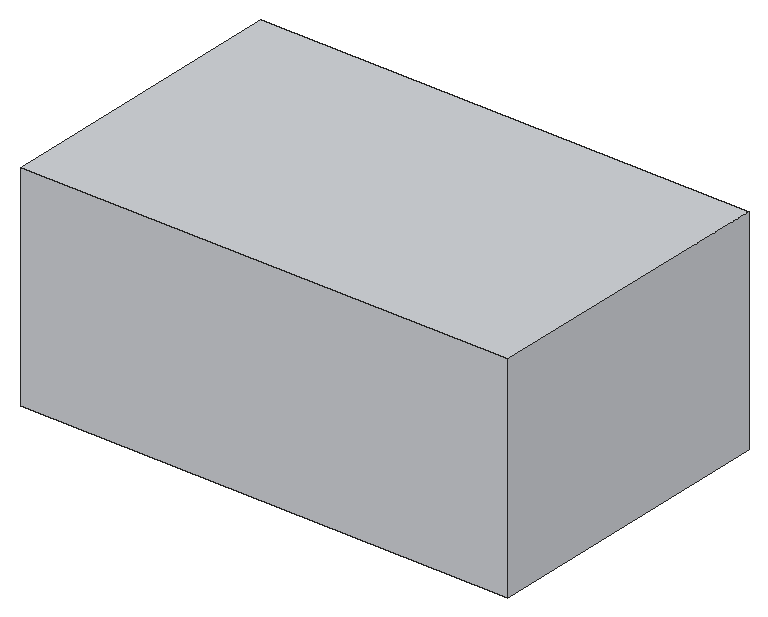
Revit family "c82626668e214cae8ef1bbe10adc7e6e", category Conduit Fittings, Revit 2021
Family settings
  Round Connector Dimension = Use Radius
  Part Type = Multi Port
  OmniClass Number = 23.80.30.17.11
  OmniClass Title = Conduits
  Work Plane-Based = No
  Always vertical = Yes
  Cut with Voids When Loaded = No
  Shared = No
Parameters (values of type "Single Gang")
  Width 2 [instance] = if(not(Max Nominal Diameter 12345 > 0' 1"), 0' 1 1/2", Max Nominal Diameter 12345 + 0' 0 1/2")  # 1 1/2"
  Width 1 [instance] = (Width - Width 2) * 0.5  # 21/32"
  Width [instance] = if(not(Max Nominal Diameter 12345 > 0' 1"), Outside Width, 6 * Max Nominal Diameter 12345)  # 2 13/16"
  Outside Width = 2 13/16"
  Outside Height = 2"
  Nominal Radius 5 [instance] = 1/4"
  Nominal Radius 4 [instance] = 1/4"
  Nominal Radius 3 [instance] = 1/4"
  Nominal Radius 2 [instance] = 1/4"
  Nominal Radius 1 [instance] = 1/4"
  Nominal Diameter 5 [instance] = Nominal Radius 5 * 2  # 1/2"
  Nominal Diameter 4 [instance] = Nominal Radius 4 * 2  # 1/2"
  Nominal Diameter 3 [instance] = Nominal Radius 3 * 2  # 1/2"
  Nominal Diameter 2 [instance] = Nominal Radius 2 * 2  # 1/2"
  Nominal Diameter 1 [instance] = Nominal Radius 1 * 2  # 1/2"
  Max Nominal Diameter 34 [instance] = if(Nominal Diameter 3 > Nominal Diameter 4, Nominal Diameter 3, Nominal Diameter 4)  # 1/2"
  Max Nominal Diameter 12345 [instance] = if(Max Nominal Diameter 1234 > Nominal Diameter 5, Max Nominal Diameter 1234, Nominal Diameter 5)  # 1/2"
  Max Nominal Diameter 1234 [instance] = if(Max Nominal Diameter 12 > Max Nominal Diameter 34, Max Nominal Diameter 12, Max Nominal Diameter 34)  # 1/2"
  Max Nominal Diameter 12 [instance] = if(Nominal Diameter 1 > Nominal Diameter 2, Nominal Diameter 1, Nominal Diameter 2)  # 1/2"
  Length [instance] = if(not(Max Nominal Diameter 12345 > 0' 1"), 0' 4 9/16", 8 * Max Nominal Diameter 12345)  # 4 9/16"
  Height [instance] = if(not(Max Nominal Diameter 12345 > 0' 1"), Outside Height, if(Max Nominal Diameter 12345 < 0' 6", 0' 6", Max Nominal Diameter 12345 * 1.2))  # 2"
  Default Elevation = 0' - 0"
Types (3): name | Width 1 | Width | Outside Width | Outside Height | Height
  (no name) | 21/32" | 2 13/16" | 2 13/16" | 2" | 2"
  Single Gang | 21/32" | 2 13/16" | 2 13/16" | 2" | 2"
  Double Gang | 1 9/16" | 4 5/8" | 4 5/8" | 2 1/16" | 2 1/16"
Reference planes (in)
  plane 1 "Center (Front/Back)": y = 0
  plane 2: z = 0
  plane 3 "Center (Left/Right)": x = 0
  plane 4: y = 0.65625
  plane 5: y = -2.15625
  plane 6: x = 4.5625
  plane 7: z = -1
  plane 8: z = 1
  plane 9: y = -1.5
Forms (in)
  Extrusion 1, solid
    sketch origin (0, 0, 0) x (1, 0, 0) y (0, 1, 0)
      loop
        line (0, 0.65625) -> (0, -2.15625) -> (4.5625, -2.15625) -> (4.5625, 0.65625) -> (0, 0.65625)
    from -1 to 1
  Extrusion 2, solid
    sketch origin (0, 0, 0) x (0, 1, 0) y (0, 0, 1)
      loop
        circle (0, 0) r 0.25
    from 0 to 4.5625
  Extrusion 3, solid
    sketch origin (0, 0, 0) x (0, 1, 0) y (0, 0, 1)
      loop
        circle (-1.5, 0) r 0.25
    from 0 to 4.5625
Cuts and joins
  joined: Extrusion 1, Extrusion 2, Extrusion 3
Dimensions and locks (in)
  equal spacing: plane 8, plane 2, plane 7
  locked: level to plane 2
  "Height": plane 8 to plane 7
  "Length": plane 3 "Center (Left/Right)" to plane 6
  "Width 1": plane 4 to plane 1 "Center (Front/Back)"
  "Width 2": plane 9 to plane 1 "Center (Front/Back)"
  "Width": plane 4 to plane 5
  "Nominal Radius 1": radius of Extrusion 2 sketch curve
  "Nominal Radius 1": radius of Extrusion 3 sketch curve
  aligned and locked: Extrusion 1 sketch curve to plane 4
  aligned and locked: plane 5 to Extrusion 1 sketch curve
  aligned and locked: Extrusion 1 sketch curve to plane 6
  aligned: Extrusion 1 to plane 2
  aligned and locked: Extrusion 1 to plane 7
  aligned and locked: plane 8 to Extrusion 1
  aligned and locked: Extrusion 1 to plane 3 "Center (Left/Right)"
  aligned and locked: plane 2 to Extrusion 2 sketch curve
  aligned and locked: plane 1 "Center (Front/Back)" to Extrusion 2 sketch curve
  aligned and locked: Extrusion 2 to plane 3 "Center (Left/Right)"
  aligned and locked: plane 2 to Extrusion 3 sketch curve
  aligned and locked: plane 9 to Extrusion 3 sketch curve
  aligned and locked: Extrusion 3 to plane 3 "Center (Left/Right)"
  aligned and locked: plane 6 to Extrusion 2
  aligned and locked: plane 6 to Extrusion 3
Automatic sketch dimensions
  plane 3 "Center (Left/Right)" to Extrusion 1 sketch curve = 0' - 0"
Connectors (in)
  cabletrayconduit at (0, 0, 0), diameter 0.5, driven by "Nominal Radius 1"
    settings: on Extrusion 2, index 1, connector width 1' - 0", connector height 1' - 0", connector angle 0.00°, system type 32, placement type 0, profile type 0, connector reference index 3, is primary connector yes, connector utility param no, connector description ""
  cabletrayconduit at (0, -1.5, 0), diameter 0.5, driven by "Nominal Radius 2"
    settings: on Extrusion 3, index 2, connector width 1' - 0", connector height 1' - 0", connector angle 0.00°, system type 32, placement type 0, profile type 0, connector reference index 4, is primary connector no, connector utility param no, connector description ""
  cabletrayconduit at (4.5625, 0, 0), diameter 0.5, driven by "Nominal Radius 3"
    settings: on Extrusion 2, index 3, connector width 1' - 0", connector height 1' - 0", connector angle 0.00°, system type 32, placement type 0, profile type 0, connector reference index 1, is primary connector no, connector utility param no, connector description ""
  cabletrayconduit at (4.5625, -1.5, 0), diameter 0.5, driven by "Nominal Radius 4"
    settings: on Extrusion 3, index 4, connector width 1' - 0", connector height 1' - 0", connector angle 0.00°, system type 32, placement type 0, profile type 0, connector reference index 2, is primary connector no, connector utility param no, connector description ""
  cabletrayconduit at (2.28125, -0.75, -1), diameter 0.5, driven by "Nominal Radius 5"
    settings: on Extrusion 1, index 5, connector width 1' - 0", connector height 1' - 0", connector angle 0.00°, system type 32, placement type 0, profile type 0, connector reference index -1, is primary connector no, connector utility param no, connector description ""
